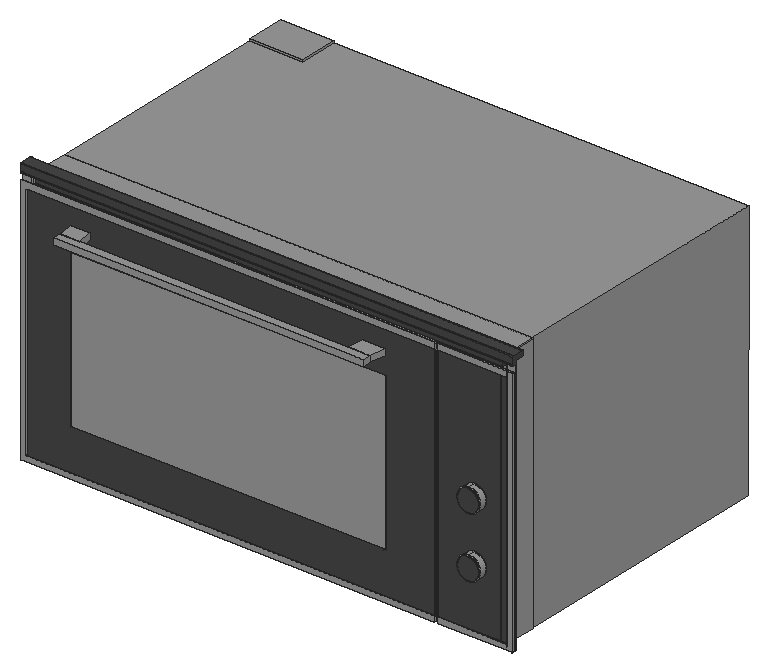
Revit family "Horno HLF 940 SS", category Specialty Equipment, Revit 2017
Family settings
  Round Connector Dimension = Use Diameter
  Part Type = Normal
  Work Plane-Based = No
  Always vertical = Yes
  Cut with Voids When Loaded = No
  Shared = No
  Room Calculation Point = No
Parameters (values of type "Horno HLF 940 SS")
  Wattage = "3553"
  Voltage = "220-240"  # constant formula
  URL = "www.teka.com"
  Panel Interior = Teka_Panel Interior
  Perilla Negro = Teka_Perilla Negro
  Model = "HLF 940 SS\r\n"  # constant formula
  Manufacturer = "Teka"  # constant formula
  Logo Teka = Teka_Logo
  Panel Vidrio = Teka_Panel Vidrio
  Panel Negro = Teka_Panel Negro
  Interior Negro = Teka_Interior Negro
  Fondo = 56 cm
  Description = "Horno eléctrico multifunción empotrable para muebles de cocina"  # constant formula
  Ca_Web del Representante = "www.tekaindustrial.com/cl"
  Ca_Web del Fabricante = "www.teka.com"
  Ca_Usos = "Horno eléctrico multifunción empotrable para muebles de cocina\r\n"  # constant formula
  Ca_Teléfono = "99821 1017\r\n"  # constant formula
  Ca_Representante = "Teka Chile"  # constant formula
  Ca_Profundidad Interior = 39.5 cm  # constant formula
  Ca_Profundidad = 56 cm  # constant formula
  Ca_Producto = "Horno HLF 940 SS\r\n"  # constant formula
  Ca_Peso = "58 kg"  # constant formula
  Ca_País de Fabricación = "España"  # constant formula
  Ca_Medidas de embalaje = "65x63.5x65.5"  # constant formula
  Ca_Material Principal = "Acero Inoxidable Antihuella+Cristal Templado"  # constant formula
  Ca_Masterformat = "11 30 13.13"  # constant formula
  Ca_Itemizado CDT = "E 08 06 02"  # constant formula
  Ca_Instalación = "Empotrado"  # constant formula
  Ca_Fabricante = "Teka"  # constant formula
  Ca_Especificaciones Técnicas = "Horno eléctrico multifunción empotrable para muebles de cocina modelo HLF 940 SS\r\n"  # constant formula
  Ca_Código del Producto = "41592223\r\n"  # constant formula
  Ca_Código EAN = "8421152155042\r\n"  # constant formula
  Ca_Código Catálogo Arquitectura = "465_TEK_008"  # constant formula
  Ca_Creado por = "Catálogo Arquitectura"  # constant formula
  Ca_Contacto = "Khorzella@teka.cl"  # constant formula
  Ca_Clase de Eficiencia Energética = "A"  # constant formula
  Ca_Certificaciones = "Certificado Aprobación SEC"  # constant formula
  Ca_Capacidad en Litros = 77
  Ca_Ancho Interior = 61.5 cm  # constant formula
  Ca_Ancho = 89 cm  # constant formula
  Ca_Alto Interior = 32 cm  # constant formula
  Ca_Alto = 48 cm  # constant formula
  Ca_6_Parrilla reforzada de asados-cromada = 1  # constant formula
  Ca_6_Bandeja modular con tapa de cristal = 1 > 2  # no
  Ca_6_Bandeja de asados profunda 50mm = 1  # constant formula
  Ca_6_Bandeja Pastelera = yes
  Ca_6_Asador rotativo = 1 > 2  # no
  Ca_6_Asa para extracción de bandejas = 1 > 2  # no
  Ca_5_Esmalte Hydroclean™ = 1 < 2  # yes
  Ca_5_Esmalte Crystal Clean = 1 > 2  # no
  Ca_5_Acero Inox Anti-huella = 1 < 2  # yes
  Ca_4_Termostato de seguridad = 1 < 2  # yes
  Ca_4_Protector del grill = 1 < 2  # yes
  Ca_4_Desconexión automática en puerta = yes
  Ca_4_Cristal Puerta = 3
  Ca_4_Bloqueo de seguridad del panel = yes
  Ca_4_Anti-vuelco de parrillas = 1 < 2  # yes
  Ca_3_Ventilación Tangencial con optimización de salida = 1 < 2  # yes
  Ca_3_Salida de vahos integrada = "Bóveda"  # constant formula
  Ca_3_Programador - Touch Control = 1 < 2  # yes
  Ca_3_N° de Funciones de cocinado = "9"
  Ca_3_Mandos Pop Up = 1 > 2  # no
  Ca_3_Guías laterales cromadas = 1 < 2  # yes
  Ca_3_Display Digital = 1 > 2  # no
  Ca_2_Turbo Multifunción = "30"  # constant formula
  Ca_2_Resistencia superior + inferior = 2105 W
  Ca_2_Resistencia Turbo = 2400 W
  Ca_2_Resistencia Inferior = 1055 W  # constant formula
  Ca_2_Resistencia Grill: Normal/Maxi-Grill = "1050/1700"
  Ca_2_Motor Refrigeración = 18 W  # constant formula
  Ca_2_Iluminación Interior = "2 x 25W"  # constant formula
  Ca_1_Potencia nominal max. W. = Wattage  # "3553"
  Ca_1_Cable de conexión = 190 cm
  Borde Aluminio = Teka_Acero Inox
  Ancho Encastre = 84.4 cm
  Ancho = 89 cm
  Perilla Aluminio = Teka_Acero Inox
  Alto = 47.0672 cm
Types (3, lengths in cm): name | Wattage | Ca_Capacidad en Litros | Ca_6_Bandeja Pastelera | Ca_4_Desconexión automática en puerta | Ca_4_Cristal Puerta | Ca_4_Bloqueo de seguridad del panel | Ca_3_N° de Funciones de cocinado | Ca_2_Resistencia superior + inferior | Ca_2_Resistencia Turbo | Ca_2_Resistencia Grill: Normal/Maxi-Grill | Ca_1_Potencia nominal max. W. | Ca_1_Cable de conexión | Borde Aluminio | Ancho Encastre | Perilla Aluminio | Alto
  (no name) | "3553" | 77 | yes | yes | 3 | yes | "9" | 2105 W | 2400 W | "1050/1700" | "3553" | 190 | Teka_Acero Inox | 84.4 | Teka_Acero Inox | 47.0672
  Horno HLF 940 SS | "3553" | 77 | yes | yes | 3 | yes | "9" | 2105 W | 2400 W | "1050/1700" | "3553" | 190 | Teka_Acero Inox | 84.4 | Teka_Acero Inox | 47.0672
  Horno HS 900 | "2848" | 91 | no | no | 2 | no | "7" | 2550 W | 0 W | "1700/2750" | "2848" | 110 | Teka_Aluminio | 86 | Teka_Perilla Aluminio | 48
Reference planes (cm)
  plane 1 "Center (Front/Back)": y = 0
  plane 2: z = 0
  plane 3 "Center (Left/Right)": x = 0
  plane 4: y = 28
  plane 5: x = -44.5
  plane 6: x = 44.5
  plane 7: y = -28
  plane 8: x = -42.2
  plane 9: x = 42.2
  plane 10: x = -35.4
  plane 11: x = 21.35
Forms (cm)
  Extrusion 1, solid, material "Teka_Panel Negro" <- "Panel Negro"
    sketch origin (-91.772, -27.87, 400) x (-1, 0, 0) y (0, 0, 1)
      loop
        line (-48.522, -355.7795) -> (-122.222, -355.7795) -> (-122.222, -398.95) -> (-48.522, -398.95)
        arc (-48.522, -398.95) -> (-48.3805, -398.8914) -> (-48.322, -398.75) r 0.2
        line (-48.322, -398.75) -> (-48.322, -355.9795)
        arc (-48.322, -355.9795) -> (-48.3805, -355.838) -> (-48.522, -355.7795) r 0.2
      loop
        line (-56.372, -363.2065) -> (-113.122, -363.2065) -> (-113.122, -391.5865) -> (-56.372, -391.5865) -> (-56.372, -363.2065)
      loop
        line (-122.672, -398.95) -> (-122.672, -355.7795) -> (-135.022, -355.7795)
        arc (-135.022, -355.7795) -> (-135.1634, -355.838) -> (-135.222, -355.9795) r 0.2
        line (-135.222, -355.9795) -> (-135.222, -398.75)
        arc (-135.222, -398.75) -> (-135.1634, -398.8914) -> (-135.022, -398.95) r 0.2
        line (-135.022, -398.95) -> (-122.672, -398.95)
    from 0 to 0.08
  Extrusion 2, solid, material "Teka_Acero Inox" <- "Borde Aluminio"
    sketch origin (-42.2, -152.4, 86.4408) x (0, 0, 1) y (0, -1, 0)
      loop
        line (-39.4408, -180.4) -> (-39.4408, -131.6) -> (-39.641, -131.6) -> (-39.641, -126.6) -> (-86.4408, -126.6) -> (-86.4408, -180.4) -> (-39.4408, -180.4)
    from 0 to 84.4
  Extrusion 3, solid, material "Teka_Acero Inox" <- "Borde Aluminio"
    sketch origin (-42.2, 28, 47) x (0, -1, 0) y (1, 0, 0)
      loop
        line (0, 0) -> (7, 0) -> (7, 9.6) -> (0, 9.6) -> (0, 0)
    from 0 to 0.3
  Extrusion 4, solid, material "Teka_Panel Interior" <- "Panel Interior"
    sketch origin (-91.772, -25.75, 400) x (-1, 0, 0) y (0, 0, 1)
      loop
        line (-56.372, -363.2065) -> (-113.122, -363.2065) -> (-113.122, -391.5865) -> (-56.372, -391.5865) -> (-56.372, -363.2065)
    from -0.05 to -2.12
  Extrusion 5, solid, material "Teka_Panel Vidrio" <- "Panel Vidrio"
    sketch origin (-91.772, -28, 400) x (-1, 0, 0) y (0, 0, 1)
      loop
        line (-48.522, -355.7795) -> (-122.222, -355.7795) -> (-122.222, -398.95) -> (-48.522, -398.95)
        arc (-48.522, -398.95) -> (-48.3805, -398.8914) -> (-48.322, -398.75) r 0.2
        line (-48.322, -398.75) -> (-48.322, -355.9795)
        arc (-48.322, -355.9795) -> (-48.3805, -355.838) -> (-48.522, -355.7795) r 0.2
      loop
        line (-122.672, -355.7795) -> (-135.022, -355.7795)
        arc (-135.022, -355.7795) -> (-135.1634, -355.838) -> (-135.222, -355.9795) r 0.2
        line (-135.222, -355.9795) -> (-135.222, -398.75)
        arc (-135.222, -398.75) -> (-135.1634, -398.8914) -> (-135.022, -398.95) r 0.2
        line (-135.022, -398.95) -> (-122.672, -398.95) -> (-122.672, -355.7795)
    from 0 to 0.13
  Extrusion 6, solid, material "Teka_Acero Inox" <- "Borde Aluminio"
    sketch origin (-91.772, -28, 400) x (-1, 0, 0) y (0, 0, 1)
      loop
        line (-47.472, -354.7295) -> (-122.022, -354.7295)
        arc (-122.022, -354.7295) -> (-122.1634, -354.788) -> (-122.222, -354.9295) r 0.2
        line (-122.222, -354.9295) -> (-122.222, -355.7795) -> (-48.522, -355.7795)
        arc (-48.522, -355.7795) -> (-48.3805, -355.838) -> (-48.322, -355.9795) r 0.2
        line (-48.322, -355.9795) -> (-48.322, -398.75)
        arc (-48.322, -398.75) -> (-48.3805, -398.8914) -> (-48.522, -398.95) r 0.2
        line (-48.522, -398.95) -> (-122.222, -398.95) -> (-122.222, -399.8)
        arc (-122.222, -399.8) -> (-122.1634, -399.9414) -> (-122.022, -400) r 0.2
        line (-122.022, -400) -> (-47.472, -400)
        arc (-47.472, -400) -> (-47.3305, -399.9414) -> (-47.272, -399.8) r 0.2
        line (-47.272, -399.8) -> (-47.272, -354.9295)
        arc (-47.272, -354.9295) -> (-47.3305, -354.788) -> (-47.472, -354.7295) r 0.2
      loop
        arc (-136.072, -354.7295) -> (-136.2134, -354.788) -> (-136.272, -354.9295) r 0.2
        line (-136.272, -354.9295) -> (-136.272, -399.8)
        arc (-136.272, -399.8) -> (-136.2134, -399.9414) -> (-136.072, -400) r 0.2
        line (-136.072, -400) -> (-122.872, -400)
        arc (-122.872, -400) -> (-122.7305, -399.9414) -> (-122.672, -399.8) r 0.2
        line (-122.672, -399.8) -> (-122.672, -398.95) -> (-135.022, -398.95)
        arc (-135.022, -398.95) -> (-135.1634, -398.8914) -> (-135.222, -398.75) r 0.2
        line (-135.222, -398.75) -> (-135.222, -355.9795)
        arc (-135.222, -355.9795) -> (-135.1634, -355.838) -> (-135.022, -355.7795) r 0.2
        line (-135.022, -355.7795) -> (-122.672, -355.7795) -> (-122.672, -354.9295)
        arc (-122.672, -354.9295) -> (-122.7305, -354.788) -> (-122.872, -354.7295) r 0.2
        line (-122.872, -354.7295) -> (-136.072, -354.7295)
    from 0 to 0.21
  Extrusion 7, solid, material "Teka_Interior Negro" <- "Interior Negro"
    sketch origin (-42.2, -25.8, 45.5405) x (0, 0, -1) y (1, 0, 0)
      loop
        line (0.27, 0) -> (45.5405, 0) -> (45.5405, 72.45)
        arc (45.5405, 72.45) -> (45.4819, 72.5914) -> (45.3405, 72.65) r 0.2
        line (45.3405, 72.65) -> (0.47, 72.65)
        arc (0.47, 72.65) -> (0.3286, 72.5914) -> (0.27, 72.45) r 0.2
        line (0.27, 72.45) -> (0.27, 0)
      loop
        line (8.747, 6.8) -> (37.127, 6.8) -> (37.127, 63.55) -> (8.747, 63.55) -> (8.747, 6.8)
      loop
        arc (0.27, 73.3) -> (0.3286, 73.1586) -> (0.47, 73.1) r 0.2
        line (0.47, 73.1) -> (45.3405, 73.1)
        arc (45.3405, 73.1) -> (45.4819, 73.1586) -> (45.5405, 73.3) r 0.2
        line (45.5405, 73.3) -> (45.5405, 84.4) -> (0.27, 84.4) -> (0.27, 73.3)
    from 0 to 1.99
  Extrusion 8, solid, material "Teka_Panel Negro" <- "Panel Negro"
    sketch origin (-42.2, -25.8, 45.5405) x (0, 0, -1) y (1, 0, 0)
      loop
        line (0.27, 0) -> (0.27, 84.4) -> (-1.2593, 84.4) -> (-1.2593, 0) -> (0.27, 0)
    from 0 to 1.5995
  Extrusion 9, solid, material "Teka_Acero Inox" <- "Perilla Aluminio"
    sketch origin (-35.4, -27.95, 41.0535) x (1, 0, 0) y (0, 1, 0)
      loop
        line (0.007, -0.05) -> (0.4005, -2.85) -> (3.9005, -2.85) -> (3.507, -0.05) -> (0.007, -0.05)
      loop
        line (56.743, -0.05) -> (52.7821, -0.05) -> (52.3886, -2.85) -> (56.3495, -2.85) -> (56.743, -0.05)
    from 0 to -1.1
  Extrusion 10, solid, material "Teka_Acero Inox" <- "Perilla Aluminio"
    sketch origin (-35.4, -27.95, 41.0535) x (1, 0, 0) y (0, 1, 0)
      loop
        line (0.4005, -2.85) -> (0.4005, -4.35) -> (56.3495, -4.35) -> (56.3495, -2.85) -> (0.4005, -2.85)
    from 0 to -1.1
  Revolve 11, solid, material "Teka_Acero Inox" <- "Perilla Aluminio"
    sketch origin (37.6463, 0, 0) x (0, 1, 0) y (0, 0, 1)
      loop
        line (-28.1, 13.8657) -> (-28.1, 13.9757)
        arc (-28.1, 13.9757) -> (-28.1146, 14.011) -> (-28.15, 14.0257) r 0.05
        line (-28.15, 14.0257) -> (-29.45, 14.0257)
        arc (-29.45, 14.0257) -> (-29.4854, 14.011) -> (-29.5, 13.9757) r 0.05
        line (-29.5, 13.9757) -> (-29.5, 13.8657) -> (-28.1, 13.8657)
      axis (-28.1, 11.9157) -> (-29.5, 11.9157)
    angle from 0 to 360
  Revolve 12, solid, material "Teka_Acero Inox" <- "Perilla Aluminio"
    sketch origin (37.6463, 0, 11) x (0, 1, 0) y (0, 0, 1)
      loop
        line (-28.1, 13.8657) -> (-28.1, 13.9757)
        arc (-28.1, 13.9757) -> (-28.1146, 14.011) -> (-28.15, 14.0257) r 0.05
        line (-28.15, 14.0257) -> (-29.45, 14.0257)
        arc (-29.45, 14.0257) -> (-29.4854, 14.011) -> (-29.5, 13.9757) r 0.05
        line (-29.5, 13.9757) -> (-29.5, 13.8657) -> (-28.1, 13.8657)
      axis (-28.1, 11.9157) -> (-29.5, 11.9157)
    angle from 0 to 360
  Extrusion 13, solid, material "Teka_Perilla Negro" <- "Perilla Negro"
    sketch origin (-91.772, -28, 400) x (1, 0, 0) y (0, 0, 1)
      loop
        circle (129.4183, -388.0843) r 1.95
    from 0 to 1.6
  Extrusion 14, solid, material "Teka_Perilla Negro" <- "Perilla Negro"
    sketch origin (-91.772, -28, 411) x (1, 0, 0) y (0, 0, 1)
      loop
        circle (129.4183, -388.0843) r 1.95
    from 0 to 1.6
  Extrusion 15, solid, material "Teka_Interior Negro" <- "Interior Negro"
    sketch origin (0, 0, 47.0672) x (1, 0, 0) y (0, 1, 0)
      loop
        arc (-42.88, -27.3995) -> (-42.7632, -27.3619) -> (-42.6904, -27.2631) r 0.2
        line (-42.6904, -27.2631) -> (-42.2518, -25.9547)
        arc (-42.2518, -25.9547) -> (-42.213, -25.7979) -> (-42.2, -25.6369) r 1
        line (-42.2, -25.6369) -> (-42.2, -20.8) -> (-42.28, -20.8) -> (-42.28, -25.6369)
        arc (-42.28, -25.6369) -> (-42.292, -25.785) -> (-42.3277, -25.9293) r 0.92
        line (-42.3277, -25.9293) -> (-42.7663, -27.2376)
        arc (-42.7663, -27.2376) -> (-42.81, -27.2969) -> (-42.88, -27.3195) r 0.12
        line (-42.88, -27.3195) -> (-44.5, -27.3195) -> (-44.5, -27.3995) -> (-42.88, -27.3995)
    from -47.0672 to -0.2673
  Extrusion 16, solid, material "Teka_Interior Negro" <- "Interior Negro"
    sketch origin (0, 0, 47.0672) x (-1, 0, 0) y (0, -1, 0)
      loop
        line (-42.9439, 27.3995) -> (-44.5, 27.3995) -> (-44.5, 27.3195) -> (-42.9439, 27.3195)
        arc (-42.9439, 27.3195) -> (-42.8738, 27.2969) -> (-42.8301, 27.2376) r 0.12
        line (-42.8301, 27.2376) -> (-42.3277, 25.7388)
        arc (-42.3277, 25.7388) -> (-42.292, 25.5945) -> (-42.28, 25.4464) r 0.92
        line (-42.28, 25.4464) -> (-42.28, 20.8) -> (-42.2, 20.8) -> (-42.2, 25.4464)
        arc (-42.2, 25.4464) -> (-42.213, 25.6074) -> (-42.2518, 25.7642) r 1
        line (-42.2518, 25.7642) -> (-42.7543, 27.2631)
        arc (-42.7543, 27.2631) -> (-42.8271, 27.3619) -> (-42.9439, 27.3995) r 0.2
    from -47.0672 to -0.2673
  Extrusion 17, solid, material "Teka_Panel Negro" <- "Panel Negro"
    sketch origin (0, 0, 0) x (0, 1, 0) y (0, 0, 1)
      loop
        line (-25.8801, 48.0005) -> (-27.851, 48.0005)
        arc (-27.851, 48.0005) -> (-27.9577, 47.9563) -> (-28.0019, 47.8495) r 0.151
        line (-28.0019, 47.8495) -> (-28.0019, 46.5512)
        arc (-28.0019, 46.5512) -> (-27.9577, 46.4443) -> (-27.8508, 46.4) r 0.1512
        line (-27.8508, 46.4) -> (-27.5495, 46.4)
        arc (-27.5495, 46.4) -> (-27.4434, 46.4439) -> (-27.3995, 46.55) r 0.15
        line (-27.3995, 46.55) -> (-27.3995, 47) -> (-25.7998, 47) -> (-25.7998, 47.9202)
        arc (-25.7998, 47.9202) -> (-25.8234, 47.977) -> (-25.8801, 48.0005) r 0.0803
    from -44.5 to 44.5
  Extrusion 18, solid, material "Teka_Interior Negro" <- "Interior Negro"
    sketch origin (0, 0, 0) x (0, 1, 0) y (0, 0, 1)
      loop
        line (-20.8, 47) -> (-27.3995, 47) -> (-27.3995, 46.7998) -> (-20.8, 46.7998) -> (-20.8, 47)
    from -42.28 to 42.28
Cuts and joins
  joined: Extrusion 2, Extrusion 3
Lines and regions (cm)
  Split face 1
    outline origin (-91.772, -28, 400) x (-1, 0, 0) y (0, 0, 1)
      loop
        line (-130.8167, -368.161) -> (-130.7692, -368.0966)
        arc (-130.7692, -368.0966) -> (-129.3711, -363.8506) -> (-127.9731, -368.0966) r 2.3532
        line (-127.9731, -368.0966) -> (-127.9255, -368.161)
        arc (-127.9255, -368.161) -> (-129.3711, -363.7706) -> (-130.8167, -368.161) r 2.4332
  Split face 2
    outline origin (-91.772, -28, 400) x (-1, 0, 0) y (0, 0, 1)
      loop
        line (-127.5979, -366.1638) -> (-127.5979, -366.2438) -> (-127.2179, -366.2438) -> (-127.2179, -366.1638) -> (-127.5979, -366.1638)
  Split face 3
    outline origin (-91.772, -28, 400) x (-1, 0, 0) y (0, 0, 1)
      loop
        line (-128.484, -366.5115) -> (-128.3887, -366.4075) -> (-128.4041, -366.2305) -> (-128.5131, -366.1785) -> (-128.484, -366.5115)
  Split face 4
    outline origin (-91.772, -28, 400) x (-1, 0, 0) y (0, 0, 1)
      loop
        line (-128.5472, -365.7886) -> (-128.5182, -366.1204) -> (-128.4183, -366.0684) -> (-128.4337, -365.8926) -> (-128.5472, -365.7886)
  Split face 5
    outline origin (-91.772, -28, 400) x (-1, 0, 0) y (0, 0, 1)
      loop
        line (-129.2121, -365.7502) -> (-129.0986, -365.8542) -> (-128.9261, -365.8542) -> (-128.8308, -365.7502) -> (-129.2121, -365.7502)
  Split face 6
    outline origin (-91.772, -28, 400) x (-1, 0, 0) y (0, 0, 1)
      loop
        line (-129.1337, -365.8926) -> (-129.2472, -365.7886) -> (-129.2182, -366.1204) -> (-129.1183, -366.0684) -> (-129.1337, -365.8926)
  Split face 7
    outline origin (-91.772, -28, 400) x (-1, 0, 0) y (0, 0, 1)
      loop
        circle (-129.3523, -365.8875) r 0.06
  Split face 8
    outline origin (-91.772, -28, 400) x (-1, 0, 0) y (0, 0, 1)
      loop
        line (-128.8697, -366.0964) -> (-129.1159, -366.0964) -> (-129.2157, -366.1484) -> (-129.1068, -366.2004) -> (-128.8606, -366.2004) -> (-128.7608, -366.1472) -> (-128.8697, -366.0964)
  Split face 9
    outline origin (-91.772, -28, 400) x (-1, 0, 0) y (0, 0, 1)
      loop
        line (-128.7644, -366.5467) -> (-128.8779, -366.4427) -> (-129.0503, -366.4427) -> (-129.1456, -366.5467) -> (-128.7644, -366.5467)
  Split face 10
    outline origin (-91.772, -28, 400) x (-1, 0, 0) y (0, 0, 1)
      loop
        line (-128.7292, -366.5083) -> (-128.7584, -366.1754) -> (-128.8581, -366.2286) -> (-128.8427, -366.4043) -> (-128.7292, -366.5083)
  Split face 11
    outline origin (-91.772, -28, 400) x (-1, 0, 0) y (0, 0, 1)
      loop
        line (-129.9121, -365.7502) -> (-129.7986, -365.8542) -> (-129.6261, -365.8542) -> (-129.5308, -365.7502) -> (-129.9121, -365.7502)
  Split face 12
    outline origin (-91.772, -28, 400) x (-1, 0, 0) y (0, 0, 1)
      loop
        circle (-129.2787, -366.4078) r 0.06
  Split face 13
    outline origin (-91.772, -28, 400) x (-1, 0, 0) y (0, 0, 1)
      loop
        line (-129.5697, -366.0964) -> (-129.8159, -366.0964) -> (-129.9157, -366.1484) -> (-129.8068, -366.2004) -> (-129.5606, -366.2004) -> (-129.4608, -366.1472) -> (-129.5697, -366.0964)
  Split face 14
    outline origin (-91.772, -28, 400) x (-1, 0, 0) y (0, 0, 1)
      loop
        line (-129.9182, -366.1204) -> (-129.8183, -366.0684) -> (-129.8337, -365.8926) -> (-129.9472, -365.7886) -> (-129.9182, -366.1204)
  Split face 15
    outline origin (-91.772, -28, 400) x (-1, 0, 0) y (0, 0, 1)
      loop
        line (-129.5581, -366.2286) -> (-129.5427, -366.4043) -> (-129.4292, -366.5083) -> (-129.4584, -366.1754) -> (-129.5581, -366.2286)
  Split face 16
    outline origin (-91.772, -28, 400) x (-1, 0, 0) y (0, 0, 1)
      loop
        line (-129.8456, -366.5467) -> (-129.4644, -366.5467) -> (-129.5779, -366.4427) -> (-129.7503, -366.4427) -> (-129.8456, -366.5467)
  Split face 17
    outline origin (-91.772, -28, 400) x (-1, 0, 0) y (0, 0, 1)
      loop
        line (-130.6182, -366.1204) -> (-130.5183, -366.0684) -> (-130.5337, -365.8926) -> (-130.6472, -365.7886) -> (-130.6182, -366.1204)
  Split face 18
    outline origin (-91.772, -28, 400) x (-1, 0, 0) y (0, 0, 1)
      loop
        line (-130.5041, -366.2305) -> (-130.6131, -366.1785) -> (-130.584, -366.5115) -> (-130.4887, -366.4075) -> (-130.5041, -366.2305)
  Split face 19
    outline origin (-91.772, -28, 400) x (-1, 0, 0) y (0, 0, 1)
      loop
        line (-131.3632, -366.0138) -> (-131.3632, -366.1638) -> (-131.5132, -366.1638) -> (-131.5132, -366.2438) -> (-131.3632, -366.2438) -> (-131.3632, -366.3938) -> (-131.2832, -366.3938) -> (-131.2832, -366.2438) -> (-131.1332, -366.2438) -> (-131.1332, -366.1638) -> (-131.2832, -366.1638) -> (-131.2832, -366.0138) -> (-131.3632, -366.0138)
  Split face 20
    outline origin (-91.772, -28, 400) x (-1, 0, 0) y (0, 0, 1)
      loop
        line (-127.6808, -369.4647) -> (-127.6008, -369.4647) -> (-127.6008, -369.0179) -> (-127.6808, -369.0179) -> (-127.6808, -369.4647)
  Split face 21
    outline origin (-91.772, -28, 400) x (-1, 0, 0) y (0, 0, 1)
      loop
        line (-127.6308, -369.0179) -> (-127.6308, -369.4647)
  Split face 22
    outline origin (-91.772, -28, 400) x (-1, 0, 0) y (0, 0, 1)
      loop
        line (-128.2229, -369.4647) -> (-128.2229, -369.0179) -> (-128.3029, -369.0179) -> (-128.3029, -369.4647) -> (-128.2229, -369.4647)
  Split face 23
    outline origin (-91.772, -28, 400) x (-1, 0, 0) y (0, 0, 1)
      loop
        line (-128.2729, -369.0179) -> (-128.2729, -369.4647)
  Split face 24
    outline origin (-91.772, -28, 400) x (-1, 0, 0) y (0, 0, 1)
      loop
        line (-128.0705, -369.2163) -> (-127.9286, -369.0745) -> (-127.9852, -369.0179) -> (-128.2086, -369.2413) -> (-127.9852, -369.4647) -> (-127.9286, -369.4082) -> (-128.0405, -369.2963) -> (-127.7308, -369.2963) -> (-127.7308, -369.2163) -> (-128.0705, -369.2163)
  Split face 25
    outline origin (-91.772, -28, 400) x (-1, 0, 0) y (0, 0, 1)
      loop
        line (-128.0705, -369.2163) -> (-128.1836, -369.2163)
  Split face 26
    outline origin (-91.772, -28, 400) x (-1, 0, 0) y (0, 0, 1)
      loop
        line (-127.9498, -369.0533) -> (-128.1129, -369.2163)
  Split face 27
    outline origin (-91.772, -28, 400) x (-1, 0, 0) y (0, 0, 1)
      loop
        line (-127.9498, -369.4294) -> (-128.1129, -369.2663) -> (-127.7308, -369.2663)
  Split face 28
    outline origin (-91.772, -28, 400) x (-1, 0, 0) y (0, 0, 1)
      loop
        circle (-129.4991, -369.2413) r 0.24
  Split face 29
    outline origin (-91.772, -28, 400) x (-1, 0, 0) y (0, 0, 1)
      loop
        circle (-129.4991, -369.2413) r 0.18
  Split face 30
    outline origin (-91.772, -28, 400) x (-1, 0, 0) y (0, 0, 1)
      loop
        line (-129.4741, -369.1063) -> (-129.5541, -369.1063) -> (-129.5541, -369.2963) -> (-129.3841, -369.2963) -> (-129.3841, -369.2163) -> (-129.4741, -369.2163) -> (-129.4741, -369.1063)
  Split face 31
    outline origin (-91.772, -28, 400) x (-1, 0, 0) y (0, 0, 1)
      loop
        line (-129.5241, -369.1063) -> (-129.5241, -369.2663) -> (-129.3841, -369.2663)
  Split face 32
    outline origin (-91.772, -28, 400) x (-1, 0, 0) y (0, 0, 1)
      loop
        line (-129.3294, -369.0716) -> (-129.1597, -368.9019)
        arc (-129.1597, -368.9019) -> (-129.0191, -369.2413) -> (-129.1597, -369.5807) r 0.48
        line (-129.1597, -369.5807) -> (-129.3294, -369.411)
  Split face 33
    outline origin (-91.772, -28, 400) x (-1, 0, 0) y (0, 0, 1)
      loop
        arc (-129.287, -369.0292) -> (-129.1991, -369.2413) -> (-129.287, -369.4535) r 0.3
      loop
        arc (-129.2445, -368.9868) -> (-129.1391, -369.2413) -> (-129.2445, -369.4959) r 0.36
      loop
        arc (-129.2021, -368.9443) -> (-129.0791, -369.2413) -> (-129.2021, -369.5383) r 0.42
  Split face 34
    outline origin (-91.772, -28, 400) x (-1, 0, 0) y (0, 0, 1)
      loop
        line (-129.6688, -369.411) -> (-129.8385, -369.5807)
        arc (-129.8385, -369.5807) -> (-129.9791, -369.2413) -> (-129.8385, -368.9019) r 0.48
        line (-129.8385, -368.9019) -> (-129.6688, -369.0716)
  Split face 35
    outline origin (-91.772, -28, 400) x (-1, 0, 0) y (0, 0, 1)
      loop
        arc (-129.7112, -369.4535) -> (-129.7991, -369.2413) -> (-129.7112, -369.0292) r 0.3
      loop
        arc (-129.7537, -369.4959) -> (-129.8591, -369.2413) -> (-129.7537, -368.9868) r 0.36
      loop
        arc (-129.7961, -369.5383) -> (-129.9191, -369.2413) -> (-129.7961, -368.9443) r 0.42
  Split face 36
    outline origin (-91.772, -28, 400) x (-1, 0, 0) y (0, 0, 1)
      loop
        line (-131.3974, -369.0179) -> (-131.3974, -369.4647) -> (-131.3174, -369.4647) -> (-131.3174, -369.0179) -> (-131.3974, -369.0179)
  Split face 37
    outline origin (-91.772, -28, 400) x (-1, 0, 0) y (0, 0, 1)
      loop
        line (-131.3674, -369.0179) -> (-131.3674, -369.4647)
  Split face 38
    outline origin (-91.772, -28, 400) x (-1, 0, 0) y (0, 0, 1)
      loop
        line (-131.165, -369.2163) -> (-131.0232, -369.0745) -> (-131.0797, -369.0179) -> (-131.3032, -369.2413) -> (-131.0797, -369.4647) -> (-131.0232, -369.4082) -> (-131.135, -369.2963) -> (-130.7253, -369.2963) -> (-130.7253, -369.2163) -> (-131.165, -369.2163)
  Split face 39
    outline origin (-91.772, -28, 400) x (-1, 0, 0) y (0, 0, 1)
      loop
        line (-131.165, -369.2163) -> (-131.2782, -369.2163)
  Split face 40
    outline origin (-91.772, -28, 400) x (-1, 0, 0) y (0, 0, 1)
      loop
        line (-131.0444, -369.0533) -> (-131.2074, -369.2163)
  Split face 41
    outline origin (-91.772, -28, 400) x (-1, 0, 0) y (0, 0, 1)
      loop
        line (-131.0444, -369.4294) -> (-131.2074, -369.2663) -> (-130.7253, -369.2663)
  Split face 42
    outline origin (-91.772, -29.6, 411) x (1, 0, 0) y (0, 0, 1)
      loop
        circle (129.4183, -386.5743) r 0.11
  Split face 43
    outline origin (-91.772, -29.6, 400) x (1, 0, 0) y (0, 0, 1)
      loop
        circle (129.4183, -386.5743) r 0.11
  Split face 44
    outline origin (-91.772, -28, 400) x (-1, 0, 0) y (0, 0, 1)
      loop
        circle (-129.4183, -374.8343) r 0.11
  Split face 45
    outline origin (-91.772, -28, 400) x (-1, 0, 0) y (0, 0, 1)
      loop
        circle (-129.4183, -373.9755) r 0.37
  Split face 46
    outline origin (-91.772, -28, 400) x (-1, 0, 0) y (0, 0, 1)
      loop
        circle (-129.4183, -373.9755) r 0.29
  Split face 47
    outline origin (-91.772, -28, 400) x (-1, 0, 0) y (0, 0, 1)
      loop
        line (-129.3783, -373.7955) -> (-129.4583, -373.7955) -> (-129.4583, -374.1555) -> (-129.3783, -374.1555) -> (-129.3783, -373.7955)
  Split face 48
    outline origin (-91.772, -28, 400) x (-1, 0, 0) y (0, 0, 1)
      loop
        circle (-129.4183, -385.8343) r 0.11
  Split face 49
    outline origin (-91.772, -28, 400) x (-1, 0, 0) y (0, 0, 1)
      loop
        line (-129.3483, -385.0831) -> (-129.3483, -384.6764)
        arc (-129.3483, -384.6764) -> (-129.4183, -384.6064) -> (-129.4883, -384.6764) r 0.07
        line (-129.4883, -384.6764) -> (-129.4883, -385.0831)
        arc (-129.4883, -385.0831) -> (-129.4183, -385.3117) -> (-129.3483, -385.0831) r 0.125
  Split face 50
    outline origin (-91.772, -28, 400) x (-1, 0, 0) y (0, 0, 1)
      loop
        arc (-129.3783, -384.6813) -> (-129.4183, -384.6413) -> (-129.4583, -384.6813) r 0.04
        line (-129.4583, -384.6813) -> (-129.4583, -385.1071)
        arc (-129.4583, -385.1071) -> (-129.4183, -385.2726) -> (-129.3783, -385.1071) r 0.0875
        line (-129.3783, -385.1071) -> (-129.3783, -384.6813)
  Split face 51
    outline origin (-91.772, -28, 400) x (-1, 0, 0) y (0, 0, 1)
      loop
        line (-86.2025, -395.4436) -> (-83.9527, -395.4436) -> (-83.7045, -396.2573) -> (-83.5345, -396.2573) -> (-83.7525, -395.4436) -> (-83.5025, -395.4436) -> (-83.5465, -395.2794) -> (-86.2465, -395.2794) -> (-86.2025, -395.4436)
  Split face 52
    outline origin (-91.772, -28, 400) x (-1, 0, 0) y (0, 0, 1)
      loop
        circle (-83.9612, -394.9292) r 0.25
  Split face 53
    outline origin (-91.772, -28, 400) x (-1, 0, 0) y (0, 0, 1)
      loop
        line (-84.6174, -395.8513) -> (-84.1985, -396.0931) -> (-84.5371, -396.0931) -> (-84.4931, -396.2573) -> (-84.2753, -396.2573)
        arc (-84.2753, -396.2573) -> (-84.0099, -395.6866) -> (-84.6174, -395.8513) r 0.3471
  Split face 54
    outline origin (-91.772, -28, 400) x (-1, 0, 0) y (0, 0, 1)
      loop
        line (-84.4373, -395.8167) -> (-84.1133, -396.0038)
        arc (-84.1133, -396.0038) -> (-84.1818, -395.7482) -> (-84.4373, -395.8167) r 0.1871
  Split face 55
    outline origin (-91.772, -28, 400) x (-1, 0, 0) y (0, 0, 1)
      loop
        line (-84.9187, -395.844) -> (-85.1646, -395.5981) -> (-85.3909, -395.5981) -> (-85.0565, -395.9325) -> (-85.3405, -396.2573) -> (-85.128, -396.2573) -> (-84.8831, -395.9772) -> (-84.808, -396.2573) -> (-84.638, -396.2573) -> (-84.8146, -395.5981) -> (-84.9846, -395.5981) -> (-84.9187, -395.844)
  Split face 56
    outline origin (-91.772, -28, 400) x (-1, 0, 0) y (0, 0, 1)
      loop
        line (-85.9662, -395.5981) -> (-86.1611, -395.5981) -> (-85.9845, -396.2573) -> (-85.6749, -396.2573)
        arc (-85.6749, -396.2573) -> (-85.3781, -395.7845) -> (-85.9329, -395.7226) r 0.3296
        line (-85.9329, -395.7226) -> (-85.9662, -395.5981)
  Split face 57
    outline origin (-91.772, -28, 400) x (-1, 0, 0) y (0, 0, 1)
      loop
        line (-85.8745, -395.9405) -> (-85.8297, -396.1077) -> (-85.6949, -396.1077)
        arc (-85.6949, -396.1077) -> (-85.5723, -395.796) -> (-85.8745, -395.9405) r 0.18
Dimensions and locks (cm)
  equal spacing: plane 5, plane 3 "Center (Left/Right)", plane 6
  equal spacing: plane 4, plane 1 "Center (Front/Back)", plane 7
  "Fondo": plane 4 to plane 7
  "Ancho": plane 5 to plane 6
  plane 8 to plane 5 = 2.3 cm
  plane 6 to plane 9 = 2.3 cm
  cut or joined group of Extrusion 2, Extrusion 3 to cut or joined group of Extrusion 2, Extrusion 3 = 53.8 cm
  equal spacing: plane 8, plane 3 "Center (Left/Right)", plane 9
  "Ancho Encastre": plane 8 to plane 9
  plane 6 to Extrusion 5 sketch curve to Extrusion 5 sketch curve = 1.05 cm, 12.55 cm
  aligned and locked: level to plane 2
  aligned and locked: Extrusion 1 sketch curve to Extrusion 4
  aligned and locked: Extrusion 2 to plane 9
  aligned and locked: Extrusion 2 to plane 8
Automatic sketch dimensions
  plane 10 to Extrusion 1 sketch curve = 0 cm
  level to Extrusion 1 sketch curve = 1.05 cm  (x2)
  Extrusion 1 sketch curve to plane 11 = 9.1 cm
  Extrusion 1 sketch curve to Extrusion 1 sketch curve = 0.45 cm
  Extrusion 1 sketch curve to plane 9 = 1.05 cm  (x2)
  Extrusion 1 sketch curve to Extrusion 1 sketch curve = 0.2 cm  (x3)
  Extrusion 1 sketch curve to plane 8 = 1.05 cm  (x2)
  level to Extrusion 1 sketch curve = 8.4135 cm
  Extrusion 1 sketch curve to Extrusion 1 sketch curve = 28.38 cm
  Extrusion 1 sketch curve to Extrusion 1 sketch curve = 7.227 cm
  Extrusion 3 sketch curve to Extrusion 2 = 0 cm  (x2)
  Extrusion 3 sketch curve to Extrusion 3 sketch curve = 7 cm
  Extrusion 2 to Extrusion 3 sketch curve = 9.6 cm
  plane 11 to Extrusion 4 sketch curve = 0 cm
  plane 10 to Extrusion 4 sketch curve = 0 cm
  level to Extrusion 4 sketch curve = 8.4135 cm
  Extrusion 4 sketch curve to Extrusion 4 sketch curve = 28.38 cm
  Extrusion 5 sketch curve to Extrusion 5 sketch curve = 0.2 cm  (x3)
  Extrusion 5 sketch curve to Extrusion 5 sketch curve = 0.45 cm
  Extrusion 5 sketch curve to plane 8 = 1.05 cm  (x2)
  level to Extrusion 5 sketch curve = 1.05 cm
  Extrusion 5 sketch curve to Extrusion 5 sketch curve = 0 cm
  Extrusion 5 sketch curve to Extrusion 5 sketch curve = 42.7705 cm  (x2)
  Extrusion 6 sketch curve to plane 6 = 0 cm
  Extrusion 6 sketch curve to level = 0 cm  (x2)
  Extrusion 6 sketch curve to plane 5 = 0 cm
  Extrusion 6 sketch curve to plane 6 = 0.2 cm  (x2)
  Extrusion 6 sketch curve to plane 6 = 1.05 cm
  Extrusion 6 sketch curve to Extrusion 6 sketch curve = 0.2 cm  (x7)
  Extrusion 6 sketch curve to plane 11 = 9.75 cm  (x2)
  Extrusion 6 sketch curve to Extrusion 6 sketch curve = 0.45 cm  (x2)
  level to Extrusion 6 sketch curve = 0.2 cm  (x2)
  Extrusion 6 sketch curve to plane 8 = 1.05 cm  (x2)
  plane 5 to Extrusion 6 sketch curve = 0.2 cm
  Extrusion 6 sketch curve to Extrusion 6 sketch curve = 0.85 cm  (x2)
  Extrusion 6 sketch curve to Extrusion 6 sketch curve = 0 cm
  Extrusion 6 sketch curve to Extrusion 6 sketch curve = 42.7705 cm
  Extrusion 6 sketch curve to Extrusion 6 sketch curve = 1.05 cm
  Extrusion 2 to Extrusion 8 sketch curve = 0 cm
  Extrusion 8 sketch curve to Extrusion 2 = 0 cm  (x2)
  Extrusion 9 sketch curve to plane 7 = 0 cm  (x2)
  Extrusion 9 sketch curve to plane 10 = 0.007 cm
  Extrusion 9 sketch curve to plane 10 = 0.4005 cm
  Extrusion 9 sketch curve to Extrusion 9 sketch curve = 3.5 cm
  Extrusion 9 sketch curve to Extrusion 9 sketch curve = 0.3935 cm  (x2)
  plane 11 to Extrusion 9 sketch curve = 4.3614 cm
  plane 11 to Extrusion 9 sketch curve = 0.4005 cm
  plane 11 to Extrusion 9 sketch curve = 0.007 cm
  Extrusion 9 sketch curve to plane 7 = 2.8 cm  (x2)
  Extrusion 10 sketch curve to Extrusion 9 = 0 cm  (x2)
  Extrusion 9 to Extrusion 10 sketch curve = 0 cm
  Extrusion 9 to Extrusion 10 sketch curve = 1.5 cm
  Revolve 11 sketch curve to plane 7 = 0 cm
  Revolve 11 sketch curve to plane 7 = 0.1 cm
  Revolve 11 sketch curve to Revolve 11 sketch curve = 0.05 cm  (x2)
  Revolve 11 sketch curve to Revolve 11 sketch curve = 1.3 cm
  level to Revolve 11 sketch curve = 13.8657 cm
  Revolve 11 sketch curve to Revolve 11 sketch curve = 0.11 cm
  Revolve 11 sketch curve to plane 7 = 1.8289 cm
  Revolve 11 sketch curve to Revolve 11 sketch curve = 1.95 cm
  Revolve 12 sketch curve to plane 7 = 0 cm
  Revolve 12 sketch curve to plane 7 = 0.1 cm
  Revolve 12 sketch curve to Revolve 12 sketch curve = 0.05 cm  (x2)
  Revolve 12 sketch curve to Revolve 12 sketch curve = 1.3 cm
  level to Revolve 12 sketch curve = 24.8657 cm
  Revolve 12 sketch curve to Revolve 12 sketch curve = 0.11 cm
  Revolve 12 sketch curve to plane 7 = 1.8289 cm
  Revolve 12 sketch curve to Revolve 12 sketch curve = 1.95 cm
  Split face 1 sketch curve to Split face 1 sketch curve = 0 cm  (x2)
  Split face 1 sketch curve to Extrusion 5 = 4.4053 cm
  Split face 1 sketch curve to Split face 1 sketch curve = 0.0475 cm  (x2)
  Split face 1 sketch curve to Split face 1 sketch curve = 1.398 cm  (x2)
  Split face 1 sketch curve to Extrusion 5 = 12.3815 cm
  Split face 1 sketch curve to Split face 1 sketch curve = 0.0644 cm
  Split face 1 sketch curve to Split face 1 sketch curve = 1.8928 cm
  Split face 2 sketch curve to Extrusion 5 = 4.9259 cm
  Split face 2 sketch curve to Split face 2 sketch curve = 0.38 cm
  Split face 2 sketch curve to Extrusion 5 = 10.4643 cm
  Split face 2 sketch curve to Split face 2 sketch curve = 0.08 cm
  Split face 3 sketch curve to Extrusion 5 = 5.8411 cm
  Split face 3 sketch curve to Split face 3 sketch curve = 0.0291 cm
  Split face 3 sketch curve to Split face 3 sketch curve = 0.1089 cm
  Split face 3 sketch curve to Split face 3 sketch curve = 0.0953 cm
  Split face 3 sketch curve to Extrusion 5 = 10.7321 cm
  Split face 3 sketch curve to Split face 3 sketch curve = 0.104 cm
  Split face 3 sketch curve to Split face 3 sketch curve = 0.177 cm
  Split face 3 sketch curve to Split face 3 sketch curve = 0.052 cm
  Split face 4 sketch curve to Extrusion 5 = 5.8753 cm
  Split face 4 sketch curve to Split face 4 sketch curve = 0.029 cm
  Split face 4 sketch curve to Split face 4 sketch curve = 0.1135 cm
  Split face 4 sketch curve to Split face 4 sketch curve = 0.0998 cm
  Split face 4 sketch curve to Extrusion 5 = 10.3409 cm
  Split face 4 sketch curve to Split face 4 sketch curve = 0.052 cm
  Split face 4 sketch curve to Split face 4 sketch curve = 0.1759 cm
  Split face 4 sketch curve to Split face 4 sketch curve = 0.104 cm
  Split face 5 sketch curve to Extrusion 5 = 6.0099 cm
  Split face 5 sketch curve to Split face 5 sketch curve = 0.1135 cm
  Split face 5 sketch curve to Split face 5 sketch curve = 0.1725 cm
  Split face 5 sketch curve to Split face 5 sketch curve = 0.0953 cm
  Split face 5 sketch curve to Extrusion 5 = 10.0747 cm
  Split face 5 sketch curve to Split face 5 sketch curve = 0.104 cm
  Split face 6 sketch curve to Extrusion 5 = 5.9747 cm
  Split face 6 sketch curve to Split face 6 sketch curve = 0.029 cm
  Split face 6 sketch curve to Split face 6 sketch curve = 0.1135 cm
  Split face 6 sketch curve to Split face 6 sketch curve = 0.0998 cm
  Split face 6 sketch curve to Extrusion 5 = 10.3409 cm
  Split face 6 sketch curve to Split face 6 sketch curve = 0.052 cm
  Split face 6 sketch curve to Split face 6 sketch curve = 0.1759 cm
  Split face 6 sketch curve to Split face 6 sketch curve = 0.104 cm
  Split face 8 sketch curve to Extrusion 5 = 6.0062 cm
  Split face 8 sketch curve to Split face 8 sketch curve = 0.0998 cm
  Split face 8 sketch curve to Split face 8 sketch curve = 0.0091 cm  (x2)
  Split face 8 sketch curve to Split face 8 sketch curve = 0.2462 cm
  Split face 8 sketch curve to Split face 8 sketch curve = 0.0997 cm
  Split face 8 sketch curve to Extrusion 5 = 10.421 cm
  Split face 8 sketch curve to Split face 8 sketch curve = 0.052 cm
  Split face 8 sketch curve to Split face 8 sketch curve = 0.0532 cm
  Split face 8 sketch curve to Split face 8 sketch curve = 0.104 cm
  Split face 9 sketch curve to Extrusion 5 = 6.0763 cm
  Split face 9 sketch curve to Split face 9 sketch curve = 0.0953 cm
  Split face 9 sketch curve to Split face 9 sketch curve = 0.1725 cm
  Split face 9 sketch curve to Split face 9 sketch curve = 0.1135 cm
  Split face 9 sketch curve to Extrusion 5 = 10.7672 cm
  Split face 9 sketch curve to Split face 9 sketch curve = 0.104 cm
  Split face 10 sketch curve to Extrusion 5 = 6.1862 cm
  Split face 10 sketch curve to Split face 10 sketch curve = 0.0154 cm
  Split face 10 sketch curve to Split face 10 sketch curve = 0.0997 cm
  Split face 10 sketch curve to Split face 10 sketch curve = 0.1135 cm
  Split face 10 sketch curve to Extrusion 5 = 10.7289 cm
  Split face 10 sketch curve to Split face 10 sketch curve = 0.104 cm
  Split face 10 sketch curve to Split face 10 sketch curve = 0.1757 cm
  Split face 10 sketch curve to Split face 10 sketch curve = 0.0532 cm
  Split face 11 sketch curve to Extrusion 5 = 5.3099 cm
  Split face 11 sketch curve to Split face 11 sketch curve = 0.1135 cm
  Split face 11 sketch curve to Split face 11 sketch curve = 0.1725 cm
  Split face 11 sketch curve to Split face 11 sketch curve = 0.0953 cm
  Split face 11 sketch curve to Extrusion 5 = 10.0747 cm
  Split face 11 sketch curve to Split face 11 sketch curve = 0.104 cm
  Split face 13 sketch curve to Extrusion 5 = 5.3062 cm
  Split face 13 sketch curve to Split face 13 sketch curve = 0.0998 cm
  Split face 13 sketch curve to Split face 13 sketch curve = 0.0091 cm  (x2)
  Split face 13 sketch curve to Split face 13 sketch curve = 0.2462 cm
  Split face 13 sketch curve to Split face 13 sketch curve = 0.0997 cm
  Split face 13 sketch curve to Extrusion 5 = 10.421 cm
  Split face 13 sketch curve to Split face 13 sketch curve = 0.052 cm
  Split face 13 sketch curve to Split face 13 sketch curve = 0.0532 cm
  Split face 13 sketch curve to Split face 13 sketch curve = 0.104 cm
  Split face 14 sketch curve to Extrusion 5 = 5.2747 cm
  Split face 14 sketch curve to Split face 14 sketch curve = 0.029 cm
  Split face 14 sketch curve to Split face 14 sketch curve = 0.1135 cm
  Split face 14 sketch curve to Split face 14 sketch curve = 0.0998 cm
  Split face 14 sketch curve to Extrusion 5 = 10.3409 cm
  Split face 14 sketch curve to Split face 14 sketch curve = 0.052 cm
  Split face 14 sketch curve to Split face 14 sketch curve = 0.1759 cm
  Split face 14 sketch curve to Split face 14 sketch curve = 0.104 cm
  Split face 15 sketch curve to Extrusion 5 = 5.6638 cm
  Split face 15 sketch curve to Split face 15 sketch curve = 0.0154 cm
  Split face 15 sketch curve to Split face 15 sketch curve = 0.0997 cm
  Split face 15 sketch curve to Split face 15 sketch curve = 0.1135 cm
  Split face 15 sketch curve to Extrusion 5 = 10.7289 cm
  Split face 15 sketch curve to Split face 15 sketch curve = 0.104 cm
  Split face 15 sketch curve to Split face 15 sketch curve = 0.1757 cm
  Split face 15 sketch curve to Split face 15 sketch curve = 0.0532 cm
  Split face 16 sketch curve to Extrusion 5 = 5.3763 cm
  Split face 16 sketch curve to Split face 16 sketch curve = 0.0953 cm
  Split face 16 sketch curve to Split face 16 sketch curve = 0.1725 cm
  Split face 16 sketch curve to Split face 16 sketch curve = 0.1135 cm
  Split face 16 sketch curve to Extrusion 5 = 10.7672 cm
  Split face 16 sketch curve to Split face 16 sketch curve = 0.104 cm
  Split face 17 sketch curve to Extrusion 5 = 4.5747 cm
  Split face 17 sketch curve to Split face 17 sketch curve = 0.029 cm
  Split face 17 sketch curve to Split face 17 sketch curve = 0.1135 cm
  Split face 17 sketch curve to Split face 17 sketch curve = 0.0998 cm
  Split face 17 sketch curve to Extrusion 5 = 10.3409 cm
  Split face 17 sketch curve to Split face 17 sketch curve = 0.052 cm
  Split face 17 sketch curve to Split face 17 sketch curve = 0.1759 cm
  Split face 17 sketch curve to Split face 17 sketch curve = 0.104 cm
  Split face 18 sketch curve to Extrusion 5 = 4.6089 cm
  Split face 18 sketch curve to Split face 18 sketch curve = 0.0291 cm
  Split face 18 sketch curve to Split face 18 sketch curve = 0.1089 cm
  Split face 18 sketch curve to Split face 18 sketch curve = 0.0953 cm
  Split face 18 sketch curve to Extrusion 5 = 10.7321 cm
  Split face 18 sketch curve to Split face 18 sketch curve = 0.104 cm
  Split face 18 sketch curve to Split face 18 sketch curve = 0.177 cm
  Split face 18 sketch curve to Split face 18 sketch curve = 0.052 cm
  Split face 19 sketch curve to Extrusion 5 = 3.7088 cm
  Split face 19 sketch curve to Split face 19 sketch curve = 0.15 cm  (x5)
  Split face 19 sketch curve to Split face 19 sketch curve = 0 cm  (x2)
  Split face 19 sketch curve to Split face 19 sketch curve = 0.08 cm  (x3)
  Split face 19 sketch curve to Extrusion 5 = 10.6143 cm
  Split face 20 sketch curve to Extrusion 5 = 5.0088 cm
  Split face 20 sketch curve to Split face 20 sketch curve = 0.08 cm
  Split face 20 sketch curve to Extrusion 5 = 13.6853 cm
  Split face 20 sketch curve to Split face 20 sketch curve = 0.4468 cm
  Split face 22 sketch curve to Extrusion 5 = 5.6309 cm
  Split face 22 sketch curve to Split face 22 sketch curve = 0.08 cm
  Split face 22 sketch curve to Extrusion 5 = 13.6853 cm
  Split face 22 sketch curve to Split face 22 sketch curve = 0.4468 cm
  Split face 24 sketch curve to Extrusion 5 = 5.5366 cm
  Split face 24 sketch curve to Split face 24 sketch curve = 0.1381 cm
  Split face 24 sketch curve to Split face 24 sketch curve = 0.03 cm
  Split face 24 sketch curve to Split face 24 sketch curve = 0.0553 cm
  Split face 24 sketch curve to Split face 24 sketch curve = 0.0853 cm
  Split face 24 sketch curve to Split face 24 sketch curve = 0.0566 cm  (x3)
  Split face 24 sketch curve to Split face 24 sketch curve = 0.1979 cm
  Split face 24 sketch curve to Extrusion 5 = 13.6853 cm
  Split face 25 sketch curve to Extrusion 5 = 5.5116 cm
  Split face 25 sketch curve to Extrusion 5 = 13.4369 cm
  Split face 25 sketch curve to Split face 25 sketch curve = 0.1131 cm
  Split face 27 sketch curve to Extrusion 5 = 5.4409 cm
  Split face 27 sketch curve to Extrusion 5 = 13.4869 cm
  Split face 27 sketch curve to Split face 27 sketch curve = 0.1631 cm  (x2)
  Split face 27 sketch curve to Split face 27 sketch curve = 0.2191 cm
  Split face 30 sketch curve to Extrusion 5 = 5.6679 cm
  Split face 30 sketch curve to Split face 30 sketch curve = 0.08 cm  (x2)
  Split face 30 sketch curve to Split face 30 sketch curve = 0.09 cm
  Split face 30 sketch curve to Extrusion 5 = 13.5169 cm
  Split face 30 sketch curve to Split face 30 sketch curve = 0.11 cm
  Split face 31 sketch curve to Extrusion 5 = 5.6979 cm
  Split face 31 sketch curve to Extrusion 5 = 13.4869 cm
  Split face 31 sketch curve to Split face 31 sketch curve = 0.14 cm
  Split face 31 sketch curve to Split face 31 sketch curve = 0.16 cm
  Split face 32 sketch curve to Extrusion 5 = 5.7229 cm
  Split face 32 sketch curve to Split face 32 sketch curve = 0.3394 cm  (x3)
  Split face 32 sketch curve to Extrusion 5 = 13.8013 cm
  Split face 32 sketch curve to Split face 32 sketch curve = 0.1697 cm  (x4)
  Split face 34 sketch curve to Extrusion 5 = 5.3834 cm
  Split face 34 sketch curve to Split face 34 sketch curve = 0 cm
  Split face 34 sketch curve to Split face 34 sketch curve = 0.3394 cm  (x2)
  Split face 34 sketch curve to Extrusion 5 = 13.8013 cm
  Split face 34 sketch curve to Split face 34 sketch curve = 0.1697 cm  (x4)
  Split face 36 sketch curve to Extrusion 5 = 3.8245 cm
  Split face 36 sketch curve to Split face 36 sketch curve = 0.08 cm
  Split face 36 sketch curve to Extrusion 5 = 13.6853 cm
  Split face 36 sketch curve to Split face 36 sketch curve = 0.4468 cm
  Split face 38 sketch curve to Extrusion 5 = 3.9188 cm
  Split face 38 sketch curve to Split face 38 sketch curve = 0.1381 cm
  Split face 38 sketch curve to Split face 38 sketch curve = 0.03 cm
  Split face 38 sketch curve to Split face 38 sketch curve = 0.0553 cm
  Split face 38 sketch curve to Split face 38 sketch curve = 0.0853 cm
  Split face 38 sketch curve to Split face 38 sketch curve = 0.0566 cm  (x3)
  Split face 38 sketch curve to Split face 38 sketch curve = 0.2979 cm
  Split face 38 sketch curve to Extrusion 5 = 13.6853 cm
  Split face 39 sketch curve to Extrusion 5 = 3.9438 cm
  Split face 39 sketch curve to Extrusion 5 = 13.4369 cm
  Split face 39 sketch curve to Split face 39 sketch curve = 0.1131 cm
  Split face 41 sketch curve to Extrusion 5 = 4.0145 cm
  Split face 41 sketch curve to Extrusion 5 = 13.4869 cm
  Split face 41 sketch curve to Split face 41 sketch curve = 0.1631 cm  (x2)
  Split face 41 sketch curve to Split face 41 sketch curve = 0.3191 cm
  Extrusion 6 to Extrusion 13 sketch curve = 5.8037 cm
  Extrusion 6 to Extrusion 13 sketch curve = 10.8657 cm
  Extrusion 6 to Extrusion 14 sketch curve = 5.8037 cm
  Extrusion 6 to Extrusion 14 sketch curve = 21.3048 cm
  Split face 47 sketch curve to Extrusion 5 = 5.7637 cm
  Split face 47 sketch curve to Split face 47 sketch curve = 0.08 cm
  Split face 47 sketch curve to Extrusion 5 = 18.376 cm
  Split face 47 sketch curve to Split face 47 sketch curve = 0.36 cm
  Split face 49 sketch curve to Extrusion 5 = 5.7337 cm
  Split face 49 sketch curve to Split face 49 sketch curve = 0.07 cm  (x2)
  Split face 49 sketch curve to Extrusion 5 = 13.7633 cm
  Split face 49 sketch curve to Split face 49 sketch curve = 0.1036 cm
  Split face 49 sketch curve to Split face 49 sketch curve = 0.4067 cm
  Split face 50 sketch curve to Extrusion 5 = 5.7637 cm
  Split face 50 sketch curve to Split face 50 sketch curve = 0.04 cm  (x2)
  Split face 50 sketch curve to Extrusion 5 = 13.765 cm
  Split face 50 sketch curve to Split face 50 sketch curve = 0.0779 cm
  Split face 50 sketch curve to Split face 50 sketch curve = 0.4259 cm
  Split face 51 sketch curve to Extrusion 5 = 3.6706 cm
  Split face 51 sketch curve to Extrusion 5 = 35.9755 cm
  Split face 51 sketch curve to Split face 51 sketch curve = 0.044 cm  (x2)
  Split face 51 sketch curve to Split face 51 sketch curve = 2.2497 cm
  Split face 51 sketch curve to Extrusion 5 = 3.5064 cm
  Split face 51 sketch curve to Split face 51 sketch curve = 0.2003 cm
  Split face 51 sketch curve to Extrusion 5 = 2.6927 cm
  Split face 51 sketch curve to Split face 51 sketch curve = 0.048 cm
  Split face 51 sketch curve to Split face 51 sketch curve = 0.206 cm
  Split face 51 sketch curve to Split face 51 sketch curve = 0.17 cm
  Split face 51 sketch curve to Split face 51 sketch curve = 0 cm
  Split face 53 sketch curve to Extrusion 5 = 3.0987 cm
  Split face 53 sketch curve to Extrusion 5 = 36.2954 cm
  Split face 53 sketch curve to Extrusion 5 = 2.8569 cm
  Split face 53 sketch curve to Split face 53 sketch curve = 0.0803 cm
  Split face 53 sketch curve to Split face 53 sketch curve = 0.044 cm
  Split face 53 sketch curve to Split face 53 sketch curve = 0.2617 cm
  Split face 53 sketch curve to Split face 53 sketch curve = 0.0768 cm
  Split face 53 sketch curve to Split face 53 sketch curve = 0.1642 cm
  Split face 54 sketch curve to Extrusion 5 = 3.1333 cm
  Split face 54 sketch curve to Extrusion 5 = 36.1154 cm
  Split face 54 sketch curve to Split face 54 sketch curve = 0.162 cm  (x2)
  Split face 54 sketch curve to Extrusion 5 = 2.9462 cm
  Split face 55 sketch curve to Extrusion 5 = 3.3519 cm  (x2)
  Split face 55 sketch curve to Extrusion 5 = 36.8311 cm
  Split face 55 sketch curve to Split face 55 sketch curve = 0.0504 cm
  Split face 55 sketch curve to Split face 55 sketch curve = 0.2263 cm
  Split face 55 sketch curve to Split face 55 sketch curve = 0.2125 cm
  Split face 55 sketch curve to Extrusion 5 = 3.0175 cm
  Split face 55 sketch curve to Split face 55 sketch curve = 0.0715 cm
  Split face 55 sketch curve to Split face 55 sketch curve = 0.18 cm
  Split face 55 sketch curve to Extrusion 5 = 3.106 cm
  Split face 55 sketch curve to Split face 55 sketch curve = 0.1378 cm
  Split face 55 sketch curve to Extrusion 5 = 2.9728 cm
  Split face 55 sketch curve to Split face 55 sketch curve = 0.0357 cm
  Split face 55 sketch curve to Split face 55 sketch curve = 0.17 cm  (x2)
  Split face 55 sketch curve to Extrusion 5 = 2.6927 cm
  Split face 55 sketch curve to Split face 55 sketch curve = 0.0751 cm
  Split face 55 sketch curve to Split face 55 sketch curve = 0 cm
  Split face 56 sketch curve to Extrusion 5 = 3.3519 cm
  Split face 56 sketch curve to Extrusion 5 = 36.0609 cm
  Split face 56 sketch curve to Split face 56 sketch curve = 0.1766 cm
  Split face 56 sketch curve to Split face 56 sketch curve = 0.1949 cm
  Split face 56 sketch curve to Extrusion 5 = 3.2274 cm
  Split face 56 sketch curve to Split face 56 sketch curve = 0.0333 cm
  Split face 56 sketch curve to Split face 56 sketch curve = 0.2579 cm
  Split face 56 sketch curve to Split face 56 sketch curve = 0.2052 cm
  Split face 56 sketch curve to Split face 56 sketch curve = 0 cm
  Split face 57 sketch curve to Extrusion 5 = 3.0095 cm
  Split face 57 sketch curve to Extrusion 5 = 36.3475 cm
  Split face 57 sketch curve to Split face 57 sketch curve = 0.0448 cm
  Split face 57 sketch curve to Split face 57 sketch curve = 0.1347 cm
  Split face 57 sketch curve to Split face 57 sketch curve = 0.1672 cm
  Extrusion 7 sketch curve to Extrusion 2 = 0 cm  (x3)
  Extrusion 2 to Extrusion 7 sketch curve = 0 cm
  Extrusion 2 to Extrusion 7 sketch curve = 0.2 cm
  Extrusion 2 to Extrusion 7 sketch curve = 8.4135 cm
  Extrusion 7 sketch curve to Extrusion 7 sketch curve = 0.2 cm  (x2)
  Extrusion 2 to Extrusion 7 sketch curve = 6.8 cm
  Extrusion 2 to Extrusion 7 sketch curve = 20.85 cm
  Extrusion 2 to Extrusion 7 sketch curve = 11.95 cm
  Extrusion 7 sketch curve to Extrusion 7 sketch curve = 0.45 cm
  Extrusion 7 sketch curve to Extrusion 7 sketch curve = 0 cm
  Extrusion 8 sketch curve to Extrusion 8 sketch curve = 1.5293 cm
  Extrusion 15 sketch curve to Extrusion 15 sketch curve = 0 cm  (x4)
  Extrusion 15 sketch curve to plane 5 = 0 cm
  Extrusion 15 sketch curve to plane 8 = 0 cm
  Extrusion 15 sketch curve to plane 8 = 1 cm
  Extrusion 15 sketch curve to plane 8 = 0.68 cm
  Extrusion 15 sketch curve to Extrusion 15 sketch curve = 0.1138 cm
  Extrusion 15 sketch curve to Extrusion 15 sketch curve = 0.0759 cm
  Extrusion 15 sketch curve to plane 8 = 0.08 cm
  Extrusion 15 sketch curve to plane 8 = 0.0518 cm
  plane 7 to Extrusion 15 sketch curve = 0.6005 cm
  Extrusion 15 sketch curve to Extrusion 15 sketch curve = 0.08 cm
  Extrusion 15 sketch curve to Extrusion 15 sketch curve = 0.0564 cm
  Extrusion 15 sketch curve to Extrusion 15 sketch curve = 1.3084 cm
  Extrusion 15 sketch curve to Extrusion 15 sketch curve = 0.0254 cm
  Extrusion 15 sketch curve to Extrusion 15 sketch curve = 4.8369 cm
  Extrusion 16 sketch curve to Extrusion 16 sketch curve = 0 cm  (x4)
  Extrusion 16 sketch curve to plane 6 = 0 cm
  Extrusion 16 sketch curve to plane 9 = 0 cm
  Extrusion 16 sketch curve to plane 9 = 1 cm
  Extrusion 16 sketch curve to plane 9 = 0.7439 cm
  Extrusion 16 sketch curve to Extrusion 16 sketch curve = 0.1138 cm
  Extrusion 16 sketch curve to Extrusion 16 sketch curve = 0.0759 cm
  Extrusion 16 sketch curve to plane 9 = 0.08 cm
  Extrusion 16 sketch curve to plane 9 = 0.0518 cm
  plane 7 to Extrusion 16 sketch curve = 7.2 cm
  plane 7 to Extrusion 16 sketch curve = 2.5536 cm
  Extrusion 16 sketch curve to Extrusion 16 sketch curve = 0.0254 cm  (x2)
  plane 7 to Extrusion 16 sketch curve = 0.8005 cm
  Extrusion 16 sketch curve to Extrusion 16 sketch curve = 0.0381 cm
  Extrusion 2 sketch curve to level = 0 cm
  Extrusion 2 sketch curve to plane 4 = 0 cm
  plane 7 to Extrusion 2 sketch curve = 2.2 cm
  Extrusion 2 sketch curve to Extrusion 2 sketch curve = 46.7998 cm
  Extrusion 2 sketch curve to Extrusion 2 sketch curve = 0.2002 cm
  Extrusion 2 sketch curve to Extrusion 2 sketch curve = 5 cm
  Extrusion 7 sketch curve to Extrusion 2 = 10.0063 cm
  Extrusion 7 sketch curve to Extrusion 2 = 1.7293 cm
  Extrusion 7 sketch curve to Extrusion 2 = 1.5293 cm
  Extrusion 17 sketch curve to plane 7 = 0.0019 cm
  plane 7 to Extrusion 17 sketch curve = 0.149 cm
  plane 7 to Extrusion 17 sketch curve = 0.1492 cm
  Extrusion 17 sketch curve to Extrusion 17 sketch curve = 0.3012 cm
  Extrusion 17 sketch curve to Extrusion 17 sketch curve = 0.15 cm
  Extrusion 17 sketch curve to Extrusion 17 sketch curve = 1.5194 cm
  Extrusion 17 sketch curve to Extrusion 17 sketch curve = 0.0803 cm
  level to Extrusion 17 sketch curve = 46.4 cm
  Extrusion 17 sketch curve to Extrusion 17 sketch curve = 0.45 cm
  Extrusion 17 sketch curve to Extrusion 17 sketch curve = 0.8495 cm
  plane 7 to Extrusion 18 sketch curve = 0.6005 cm
  Extrusion 18 sketch curve to Extrusion 18 sketch curve = 6.5995 cm
  level to Extrusion 18 sketch curve = 46.7998 cm
  Extrusion 18 sketch curve to Extrusion 18 sketch curve = 0.2002 cm
  radius of Extrusion 13 sketch curve = 1.95 cm
  radius of Extrusion 14 sketch curve = 1.95 cm
Connectors (cm)
  electrical at (-37.4, 24.5, 47.3)
    settings: on cut or joined group of Extrusion 2, Extrusion 3, index 1, voltage 220 V, apparent load 0 VA, apparent load phase1 0 VA, apparent load phase2 0 VA, apparent load phase3 0 VA, power factor 1, load classification "Power", number of poles 1, system type 30, power factor state 1, is connector primary yes, connector utility no, sub classification motor no, connector description ""
